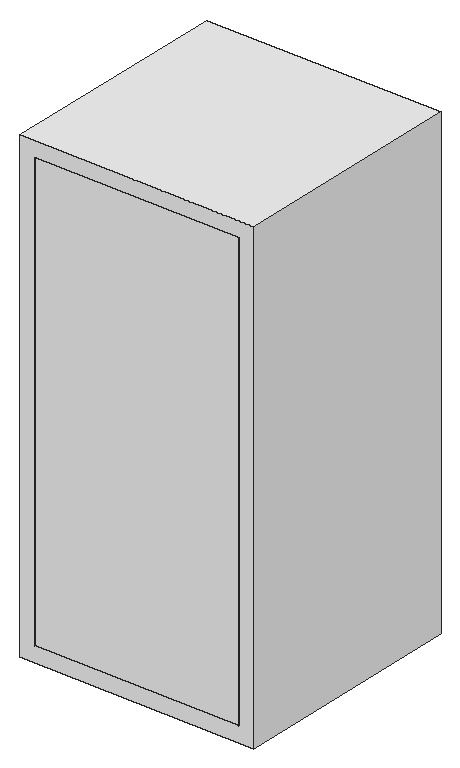
Revit family "M_Armário superior-Porta simples com vidro-Parede", category Componentes de gabinete, Revit 2019
Family settings
  Hospedeiro = Parede
  Número OmniClass = 23.40.35.17.47.11
  Título OmniClass = Kitchen Casework
  ID de item do Seek = Upper Cabinet-Single Door w Glass-Wall-0000-CAN-ENU
  Sempre na vertical = Sim
  Corte com vazios quando carregada = Não
  Compartilhado = Não
  Ponto de cálculo do ambiente = Não
Parameters (values of type "300mm")
  Material do armário = none
  Linear = 300 mm
  Material da porta/gaveta = none
  Material do puxador = Armários - Puxadores
  Altura = 600 mm
  Material do painel = none
  Topo do armário = 2000 mm
  Width = 300 mm
Types (3, lengths in mm): name | Width
  (no name) | 300
  300mm | 300
  500mm | 500
Reference planes
  plane 1: y = 0
  plane 2 "Centro": x = 29.771
  plane 3 "Direita": x = 179.771
  plane 4 "Esquerda": x = -120.229
  plane 5: z = 1400
  plane 6: z = 2000
  plane 7 "Parte frontal": y = 376.2
  plane 8: y = 76.2
  plane 9: x = -88.479
  plane 10: z = 1700
Forms (mm)
  Extrusion 1, solid, material <- "Material do armário"
    sketch origin (0, 76.2, 0) x (1, 0, 0) y (0, 0, 1)
      loop
        line (179.771, 2000) -> (-120.229, 2000) -> (-120.229, 1400) -> (179.771, 1400) -> (179.771, 2000)
      loop
        line (160.721, 1980.95) -> (-101.179, 1980.95) -> (-101.179, 1419.05) -> (160.721, 1419.05) -> (160.721, 1980.95)
    from 0 to -300
  Extrusion 2, solid, material <- "Material do armário"
    sketch origin (0, 76.2, 0) x (1, 0, 0) y (0, 0, 1)
      loop
        line (160.721, 1980.95) -> (-101.179, 1980.95) -> (-101.179, 1419.05) -> (160.721, 1419.05) -> (160.721, 1980.95)
    from 0 to -19.05
  Extrusion 3, solid, material <- "Material da porta/gaveta"
    sketch origin (0, 376.2, 0) x (0, 0, 1) y (1, 0, 0)
      loop
        line (1980.95, 160.721) -> (1419.05, 160.721) -> (1419.05, -101.179) -> (1980.95, -101.179) -> (1980.95, 160.721)
      loop
        line (1450.8, 128.971) -> (1450.8, -69.429) -> (1949.2, -69.429) -> (1949.2, 128.971) -> (1450.8, 128.971)
    from 12.7 to -19.05
  Extrusion 4, solid, material <- "Material do painel"
    sketch origin (0, 376.2, 0) x (0, 0, 1) y (1, 0, 0)
      loop
        line (1949.2, 128.971) -> (1450.8, 128.971) -> (1450.8, -69.429) -> (1949.2, -69.429) -> (1949.2, 128.971)
    from -12.7 to -6.35
  Sweep 5, solid, material "Armários - Puxadores" <- "Material do puxador"
    path origin (-88.479, 0, 0) x (0, 1, 0) y (0, 0, 1)
      loop
        line (388.9, 1552.4) -> (401.6, 1552.4)
        arc (401.6, 1552.4) -> (410.58, 1548.68) -> (414.3, 1539.7) r 12.7
        line (414.3, 1539.7) -> (414.3, 1463.5)
        arc (414.3, 1463.5) -> (410.58, 1454.52) -> (401.6, 1450.8) r 12.7
        line (401.6, 1450.8) -> (388.9, 1450.8)
    profile origin (-88.479, 395.25, 0) x (0, 0, 1) y (1, 0, 0)
      loop
        circle (1552.4, 0) r 6.35
Lines and regions (mm)
  symbolic lines, style "Rep. da planta - Acima"
    curve 1: line (-120.229, 76.2, 0) -> (179.771, 76.2, 0)
    curve 2: line (-120.229, 376.2, 0) -> (-120.229, 76.2, 0)
    curve 3: line (179.771, 376.2, 0) -> (-120.229, 376.2, 0)
    curve 4: line (179.771, 76.2, 0) -> (179.771, 376.2, 0)
  symbolic lines, style "Giro da elevação"
    curve 5: line (179.771, 0, 1700) -> (-101.179, 0, 1419.05)
    curve 6: line (179.771, 0, 1700) -> (-101.179, 0, 1980.95)
Text (mm)
  text "Lado da colocação" at (0, 1019.848, 3124.603), in view "Direita"
  text "Lado da colocação" at (-1564.893, 1075.18, 0), in view "Linha do piso"
  text "Lado da colocação" at (0, 1688.989, 779.289), in view "Esquerda"
Dimensions and locks
  equal spacing: plane 4 "Esquerda", plane 2 "Centro", plane 3 "Direita"
  "Width": plane 4 "Esquerda" to plane 3 "Direita"
  "Altura": plane 5 to plane 6
  "Linear": plane 8 to plane 7 "Parte frontal"
  locked: plane 4 "Esquerda" to plane 9 at 31.75
  equal spacing: plane 5, plane 10, plane 6
  "Topo do armário": level to plane 6
  aligned and locked: plane 8 to host wall
  aligned and locked: plane 7 "Parte frontal" to Extrusion 1
  aligned and locked: Extrusion 2 sketch curve to Extrusion 1  (x4)
  aligned and locked: Extrusion 3 to Extrusion 4 sketch curve  (x3)
  aligned and locked: Extrusion 4 sketch curve to Extrusion 3
Automatic sketch dimensions
  Extrusion 1 sketch curve to plane 4 "Esquerda" = 0 mm
  Extrusion 1 sketch curve to plane 3 "Direita" = 0 mm
  Extrusion 1 sketch curve to plane 5 = 0 mm
  Extrusion 1 sketch curve to plane 6 = 0 mm
  plane 4 "Esquerda" to Extrusion 1 sketch curve = 19.05 mm
  Extrusion 1 sketch curve to plane 3 "Direita" = 19.05 mm
  Extrusion 1 sketch curve to plane 5 = 19.05 mm
  plane 6 to Extrusion 1 sketch curve = 19.05 mm
  plane 4 "Esquerda" to Extrusion 3 sketch curve = 19.05 mm
  Extrusion 3 sketch curve to plane 5 = 19.05 mm
  Extrusion 3 sketch curve to Extrusion 3 sketch curve = 31.75 mm  (x2)
  plane 6 to Extrusion 3 sketch curve = 50.8 mm
  plane 6 to Extrusion 3 sketch curve = 19.05 mm
  Extrusion 3 sketch curve to plane 3 "Direita" = 50.8 mm
  Extrusion 3 sketch curve to plane 3 "Direita" = 19.05 mm
  Sweep 5 sketch curve to plane 9 = 0 mm
  Sweep 5 sketch curve to profile plane = 0 mm
  profile plane to Sweep 5 sketch curve = 6.35 mm
  curve 3 to plane 4 "Esquerda" = 0 mm
  curve 3 to plane 3 "Direita" = 0 mm
  curve 1 to host wall = 0 mm
  curve 3 to plane 7 "Parte frontal" = 0 mm
  plane 7 "Parte frontal" to Sweep 5 sketch curve = 12.7 mm  (x2)
  Sweep 5 sketch curve to Sweep 5 sketch curve = 12.7 mm  (x3)
  Sweep 5 sketch curve to plane 5 = 50.8 mm
  Sweep 5 sketch curve to Sweep 5 sketch curve = 76.2 mm
  curve 5 to plane 3 "Direita" = 0 mm
  curve 5 to plane 10 = 0 mm
  plane 6 to curve 6 = 19.05 mm
  curve 5 to plane 5 = 19.05 mm
  curve 6 to plane 9 = 12.7 mm
  curve 5 to plane 9 = 12.7 mm
